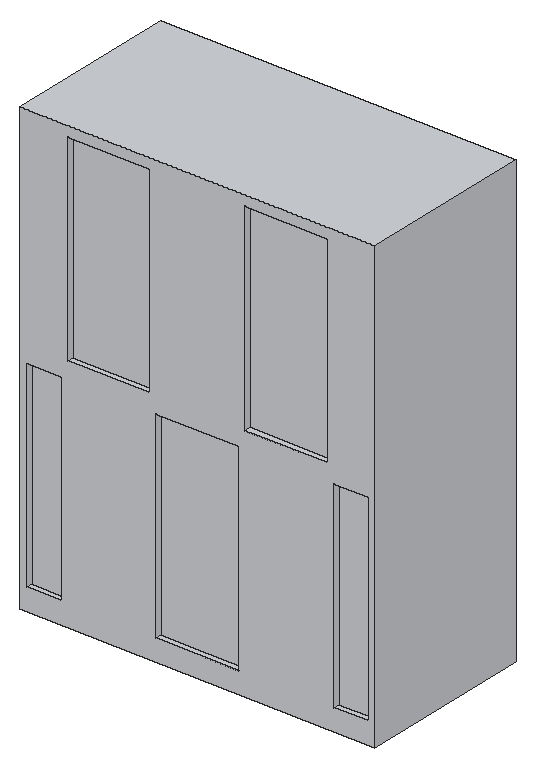
Revit family "SA 8H4W", category Mechanical Equipment, Revit 2019
Family settings
  Round Connector Dimension = Use Diameter
  Part Type = Normal
  OmniClass Number = 23.75.00.00
  OmniClass Title = Climate Control (HVAC)
  Work Plane-Based = No
  Always vertical = Yes
  Cut with Voids When Loaded = No
  Shared = No
  Room Calculation Point = No
Parameters (values of type "8H4W SA")
  Width = 5' - 4 1/2"
  Weight (lbs.) = "3,529"
  URL = "www.renewaire.com"
  Model = "8H4W SA"
  Manufacturer = "Renewaire LLC"
  Length = 10' - 10 1/4"
  Housing = none
  Height = 13' - 9 1/4"
  Description = "Energy Recovery Ventilator"
  Cores (L125-G5) = "32"
  Airflow Range (CFM) = "8,000 - 35,200"
  4W = yes
Reference planes (in)
  plane 1 "Center (Front/Back)": y = 0
  plane 2: z = 0
  plane 3 "Center (Left/Right)": x = 0
Forms (in)
  Extrusion 1, solid, material <- "Housing", visible <- "4W"
    sketch origin (0, 0, 0) x (0, 1, 0) y (0, 0, 1)
      loop
        line (32.26413, 165.25139) -> (-32.26413, 165.25139) -> (-32.26413, 0) -> (32.26413, 0) -> (32.26413, 165.25139)
    from 0 to 130.25
  Extrusion 2, void
    sketch origin (0, 0, 0) x (1, 0, 0) y (0, 0, 1)
      loop
        line (2.375, 81.78235) -> (2.375, 8.06435) -> (15.17072, 8.06435) -> (15.17072, 81.78235) -> (2.375, 81.78235)
      loop
        line (49.92926, 81.78235) -> (49.92926, 8.06435) -> (80.25787, 8.06435) -> (80.25787, 81.78235) -> (49.92926, 81.78235)
      loop
        line (47.75055, 161.50106) -> (17.42194, 161.50106) -> (17.42194, 87.78305) -> (47.75055, 87.78305) -> (47.75055, 161.50106)
    from 30 to 38.22316
  Extrusion 3, void
    sketch origin (0, 0, 0) x (1, 0, 0) y (0, 0, 1)
      loop
        line (82.55606, 161.50106) -> (82.55606, 87.78305) -> (95.33731, 87.78305) -> (95.33731, 161.50106) -> (82.55606, 161.50106)
    from 30 to 38.22316
  Extrusion 4, void
    sketch origin (0, 0, 0) x (1, 0, 0) y (0, 0, 1)
      loop
        line (82.55606, 161.50106) -> (82.55606, 87.78305) -> (112.88467, 87.78305) -> (112.88467, 161.50106) -> (82.55606, 161.50106)
    from 30 to 38.22316
  Extrusion 5, void
    sketch origin (0, 0, 0) x (1, 0, 0) y (0, 0, 1)
      loop
        line (115.06338, 81.78235) -> (115.06338, 8.06435) -> (127.85909, 8.06435) -> (127.85909, 81.78235) -> (115.06338, 81.78235)
    from 30 to 38.22316
  Extrusion 6, void
    sketch origin (0, 0, 0) x (1, 0, 0) y (0, 0, -1)
      loop
        line (2.375, -81.78235) -> (15.17072, -81.78235) -> (15.17072, -8.06435) -> (2.375, -8.06435) -> (2.375, -81.78235)
      loop
        line (49.92926, -81.78235) -> (80.25787, -81.78235) -> (80.25787, -8.06435) -> (49.92926, -8.06435) -> (49.92926, -81.78235)
      loop
        line (47.75055, -161.50106) -> (47.75055, -87.78305) -> (17.42194, -87.78305) -> (17.42194, -161.50106) -> (47.75055, -161.50106)
    from 30 to 38.22316
  Extrusion 7, void
    sketch origin (0, 0, 0) x (1, 0, 0) y (0, 0, -1)
      loop
        line (82.55606, -161.50106) -> (95.33731, -161.50106) -> (95.33731, -87.78305) -> (82.55606, -87.78305) -> (82.55606, -161.50106)
    from 30 to 38.22316
  Extrusion 8, void
    sketch origin (0, 0, 0) x (1, 0, 0) y (0, 0, -1)
      loop
        line (82.55606, -161.50106) -> (112.88467, -161.50106) -> (112.88467, -87.78305) -> (82.55606, -87.78305) -> (82.55606, -161.50106)
    from 30 to 38.22316
  Extrusion 9, void
    sketch origin (0, 0, 0) x (1, 0, 0) y (0, 0, -1)
      loop
        line (115.06338, -81.78235) -> (127.85909, -81.78235) -> (127.85909, -8.06435) -> (115.06338, -8.06435) -> (115.06338, -81.78235)
    from 30 to 38.22316
Cuts and joins
  Extrusion 2, Extrusion 3, Extrusion 4, Extrusion 5, Extrusion 6, Extrusion 7, Extrusion 8, Extrusion 9 cuts Extrusion 1
Dimensions and locks (in)
  aligned and locked: level to plane 2
